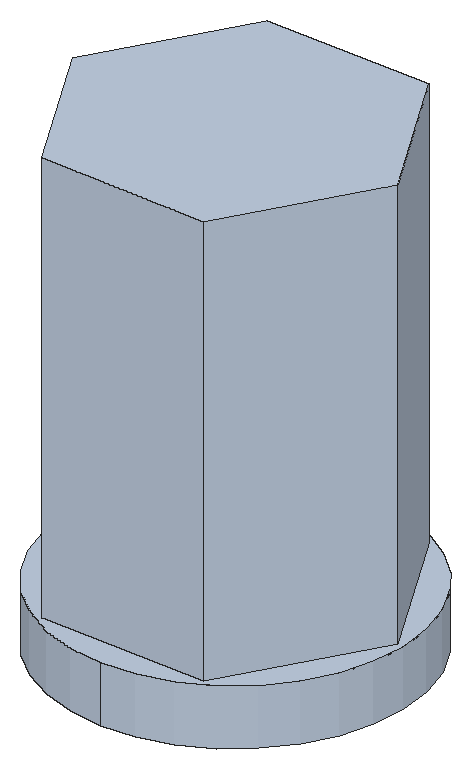
Revit family "HEXAGONAL NUT 15_7238001", category Generic Models, Revit 2018
Family settings
  Can host rebar = No
  Round Connector Dimension = Use Diameter
  Part Type = Normal
  OmniClass Number = 35.51.14.00
  OmniClass Title = FORMWORK
  Work Plane-Based = Yes
  Always vertical = No
  Cut with Voids When Loaded = No
  Shared = Yes
  Room Calculation Point = No
Parameters
  VERSION = "20170217"  # constant formula
  URL = "www.ulmaconstruction.com/en"
  UNICLASS = ""
  Model = ""
  Manufacturer = "ULMA CONSTRUCTION"  # constant formula
  ITEM_CODE = "7238001"
  FILTER [instance] = ""
  Default Elevation = 0.00 mm
  CLASSIFICATION_TITLE = ""
  CLASSIFICATION_NUMBER = ""
Reference planes
  plane 1 "Centro (Frontal/Posterior)": y = 0
  plane 2: z = 0
  plane 3 "Centro (Izquierda/Derecha)": x = 0
Forms (mm)
  Extrusion 1, solid, material "ULMA STEEL", detail levels fine
    sketch origin (0, 0, 0) x (1, 0, 0) y (0, 1, 0)
      loop
        circle (0, 0) r 18
    from 6 to 0
  Extrusion 2, solid, material "ULMA STEEL", detail levels fine
    sketch origin (0, 0, 0) x (1, 0, 0) y (0, 1, 0)
      loop
        line (-8.66, 15) -> (-17.321, 0) -> (-8.66, -15) -> (8.66, -15) -> (17.321, 0) -> (8.66, 15) -> (-8.66, 15)
    from 6 to 50
  Extrusion 3, solid, material "ULMA STEEL", detail levels coarse+medium
    sketch origin (0, 0, 0) x (1, 0, 0) y (0, 1, 0)
      loop
        circle (0, 0) r 18
    from 50 to 0
Cuts and joins
  joined: Extrusion 1, Extrusion 2
Lines and regions (mm)
  model lines, style "ULMA BOLT", detail levels fine
    curve 1: circle (0, 0, 50) r 8.5 normal (0, 0, 1)
